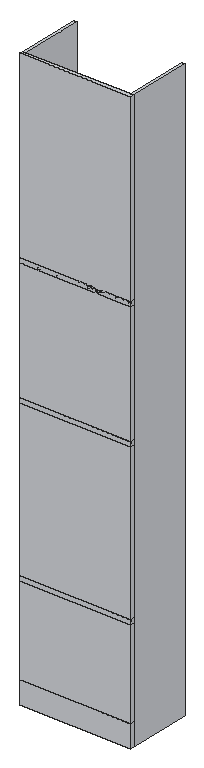
Revit family "IDP_Plumbing Fixtures_PAN923-SANITARY IPS", category Plumbing Fixtures, Revit 2026
Family settings
  Round Connector Dimension = Use Diameter
  Part Type = Normal
  Work Plane-Based = No
  Enable Cutting in Views = Yes
  Always vertical = Yes
  Cut with Voids When Loaded = No
  Maintain Annotation Orientation = No
  Shared = Yes
  Room Calculation Point = No
Parameters (values of type "PAN923")
  Uniclass2015_Pr = "Pr_40_20_76 : Sanitary accessories"
  SFG20 = ""
  NRM3 = ""
  NRM1 = ""
  Material = SolidGradeLaminate_Subtype1
  Keynote = ""
  IPS Length [instance] = 500 mm
  Description = "SANITARY IPS"
  Depth [instance] = 300 mm
  Default Elevation = 0 mm
  ADBUserData1 = "R1"
  ADBHeight [instance] = 2635 mm
  ADBGroup = "1"
  ADBDescription = "SANITARY BACK-PANEL: IPS type; solid grade laminate, with 100mm IPS box-out, depth to suit"
  ADBCode = "PAN923"
Reference planes
  plane 1 "Center (Front/Back)": y = 0
  plane 2: z = 0
  plane 3 "Center (Left/Right)": x = 0
  plane 4: z = 2635
  plane 5: z = 100
  plane 6 "front": y = 0
  plane 7: x = 13
  plane 8: x = 487
  plane 9: x = 500
  plane 10: y = 300
  plane 11: z = 500
  plane 12: z = 520
  plane 13: z = 1220
  plane 14: z = 1240
  plane 15: z = 1785
  plane 16: z = 1805
Forms (mm)
  Extrusion 1, solid
    sketch origin (0, 13, 0) x (1, 0, 0) y (0, 1, 0)
      loop
        line (0, 0) -> (0, -13) -> (500, -13) -> (500, 0) -> (0, 0)
    from 100 to 2635
  Extrusion 2, solid
    sketch origin (0, 26, 0) x (1, 0, 0) y (0, 1, 0)
      loop
        line (0, 274) -> (0, -13) -> (13, -13) -> (13, 274) -> (0, 274)
      loop
        line (500, -13) -> (500, 274) -> (487, 274) -> (487, -13) -> (500, -13)
    from 0 to 2635
  Extrusion 3, solid
    sketch origin (88.388, -75.388, 0) x (1, 0, 0) y (0, 1, 0)
      loop
        line (-88.388, 88.388) -> (-88.388, 75.388) -> (411.612, 75.388) -> (411.612, 88.388) -> (-88.388, 88.388)
    from 0 to 100
  Extrusion 4, solid
    sketch origin (88.388, -75.388, 420) x (1, 0, 0) y (0, 1, 0)
      loop
        line (-88.388, 88.388) -> (-88.388, 75.388) -> (411.612, 75.388) -> (411.612, 88.388) -> (-88.388, 88.388)
    from 80 to 100
  Extrusion 5, solid
    sketch origin (88.388, -75.388, 1140) x (1, 0, 0) y (0, 1, 0)
      loop
        line (-88.388, 88.388) -> (-88.388, 75.388) -> (411.612, 75.388) -> (411.612, 88.388) -> (-88.388, 88.388)
    from 80 to 100
  Extrusion 6, solid
    sketch origin (88.388, -75.388, 1705) x (1, 0, 0) y (0, 1, 0)
      loop
        line (-88.388, 88.388) -> (-88.388, 75.388) -> (411.612, 75.388) -> (411.612, 88.388) -> (-88.388, 88.388)
    from 80 to 100
Lines and regions (mm)
  model lines
    curve 1: line (13, 0, 500) -> (500, 0, 500)
    curve 2: line (487, 0, 1785) -> (13, 0, 1240)
    curve 3: line (0, 0, 1785) -> (487, 0, 1240)
Dimensions and locks
  "ADBHeight": plane 4 to level
  locked: plane 3 "Center (Left/Right)" to plane 7 at 13
  locked: plane 8 to plane 9 at 13
  "IPS Length": plane 3 "Center (Left/Right)" to plane 9
  "Depth": plane 1 "Center (Front/Back)" to plane 10
  aligned and locked: plane 4 to Extrusion 1
  aligned and locked: Extrusion 1 to plane 5
  aligned and locked: plane 4 to Extrusion 2
  aligned and locked: Extrusion 2 to level
  aligned and locked: Extrusion 3 to level
  aligned and locked: Extrusion 3 to Extrusion 1  (x2)
  aligned and locked: Extrusion 3 to plane 3 "Center (Left/Right)"
  aligned and locked: Extrusion 2 to plane 3 "Center (Left/Right)"
  aligned and locked: plane 7 to Extrusion 2
  aligned and locked: plane 9 to Extrusion 2
  aligned and locked: Extrusion 2 to plane 8
  aligned and locked: plane 9 to Extrusion 1
  aligned and locked: Extrusion 1 to plane 3 "Center (Left/Right)"
  aligned and locked: plane 9 to curve 1
  aligned and locked: plane 10 to Extrusion 2  (x2)
Automatic sketch dimensions
  plane 1 "Center (Front/Back)" to Extrusion 1 sketch curve = 0 mm
  Extrusion 1 sketch curve to plane 3 "Center (Left/Right)" = 0 mm
  Extrusion 1 sketch curve to plane 9 = 0 mm
  Extrusion 1 sketch curve to plane 1 "Center (Front/Back)" = 13 mm
  Extrusion 2 sketch curve to plane 3 "Center (Left/Right)" = 0 mm
  Extrusion 2 sketch curve to plane 7 = 0 mm
  Extrusion 2 sketch curve to plane 8 = 0 mm
  Extrusion 2 sketch curve to plane 9 = 0 mm
  Extrusion 2 sketch curve to plane 10 = 0 mm  (x2)
  Extrusion 2 sketch curve to plane 1 "Center (Front/Back)" = 13 mm  (x2)
  plane 1 "Center (Front/Back)" to Extrusion 3 sketch curve = 0 mm
  Extrusion 3 sketch curve to plane 3 "Center (Left/Right)" = 0 mm
  Extrusion 3 sketch curve to plane 9 = 0 mm
  Extrusion 3 sketch curve to plane 1 "Center (Front/Back)" = 13 mm
  plane 1 "Center (Front/Back)" to Extrusion 4 sketch curve = 0 mm
  Extrusion 4 sketch curve to plane 3 "Center (Left/Right)" = 0 mm
  Extrusion 4 sketch curve to plane 9 = 0 mm
  Extrusion 4 sketch curve to plane 1 "Center (Front/Back)" = 13 mm
  plane 1 "Center (Front/Back)" to Extrusion 5 sketch curve = 0 mm
  Extrusion 5 sketch curve to plane 3 "Center (Left/Right)" = 0 mm
  Extrusion 5 sketch curve to plane 9 = 0 mm
  Extrusion 5 sketch curve to plane 1 "Center (Front/Back)" = 13 mm
  plane 1 "Center (Front/Back)" to Extrusion 6 sketch curve = 0 mm
  Extrusion 6 sketch curve to plane 3 "Center (Left/Right)" = 0 mm
  Extrusion 6 sketch curve to plane 9 = 0 mm
  Extrusion 6 sketch curve to plane 1 "Center (Front/Back)" = 13 mm
  curve 3 to plane 8 = 0 mm
  curve 2 to plane 8 = 0 mm
  curve 1 to plane 7 = 0 mm
  curve 3 to plane 3 "Center (Left/Right)" = 0 mm
  curve 1 to plane 11 = 0 mm
  curve 3 to plane 14 = 0 mm
  curve 2 to plane 14 = 0 mm
  curve 2 to plane 15 = 0 mm
  curve 2 to plane 7 = 0 mm
  curve 3 to plane 15 = 0 mm
